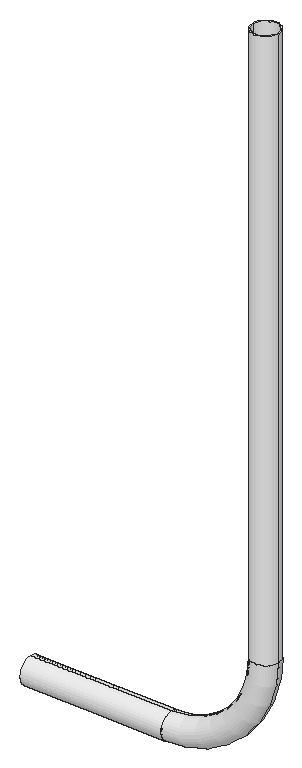
Revit family "PRD_AR_FlshCntrlDvcs_FlushingPipe_ACXF40021", category Specialty Equipment, Revit 2023
Family settings
  Round Connector Dimension = Use Diameter
  Part Type = Normal
  OmniClass Number = 23.45.05.14.99
  OmniClass Title = Other Sanitary Washing Plumbing Fixtures
  Work Plane-Based = No
  Enable Cutting in Views = No
  Always vertical = Yes
  Cut with Voids When Loaded = No
  Maintain Annotation Orientation = No
  Shared = No
  Room Calculation Point = No
Parameters (values of type "ACXF4002")
  WithOffset = "n/a"
  WarrantyStartDate [instance] = "1900-12-31T23:59:59"
  WarrantyGuarantorParts = "n/a"
  WarrantyGuarantorLabor = "n/a"
  WarrantyDurationUnit = "n/a"
  WarrantyDurationParts = "n/a"
  WarrantyDurationLabor = "n/a"
  WarrantyDescription = "n/a"
  Version = "1"
  Uniclass2015Version = "Products v1.36"
  Uniclass2015Title = "Flush control devices"
  Uniclass2015Code = "Pr_75_50_46_31"
  URL = "www.kwc-professional.com"
  TypeOfFlushingPipe = "Toilet flush pipe"
  Type IFC Predefined Type = "USERDEFINED"
  TemperatureRange = 0 °C
  TagNumber [instance] = "n/a"
  SustainabilityPerformance = "n/a"
  Status = "New"
  Size = "28"
  Shape = "n/a"
  SerialNumber [instance] = "n/a"
  Revision = "n/a"
  ReplacementCost = "n/a"
  Reference = "n/a"
  ProductInformation = "n/a"
  PressureRange = 0.0 Pa
  PressureClass = 0.0 Pa
  NominalWidth = 250 mm
  NominalHeight = 700 mm
  NominalDepth = 0 mm
  Name = "Flushing Pipe ACXF4002"
  NBSTypeID = "n/a"
  NBSReference = "90-15-35/470"
  NBSOfficeMasterTag = "n/a"
  NBSNote = "n/a"
  NBSDescription = "Flush control devices"
  NBSCertification = "n/a"
  ModelReference = "ACXF4002"
  ModelNumber = "2030068209"
  Model = ModelReference  # "ACXF4002"
  Material = "Plastic"
  ManufacturerURL = "www.kwc-professional.com"
  ManufacturerName = "KWC Group Management AG"
  Manufacturer = ManufacturerName  # "KWC Group Management AG"
  InstallationDate [instance] = "1900-12-31T23:59:59"
  IfcExportType = "USERDEFINED"
  IfcExportAs = "IfcPipeFittingType"
  Grade = "n/a"
  FittingLossFactor = 0
  Finish = "n/a"
  Features = "Dimension  Ø 28x1 x 700 x 250 mm."
  Export Type to IFC As = "IfcPipeFittingType"
  ExpectedLife = "n/a"
  DurationUnit = "n/a"
  Description = "Flush pipe with bend for connection to WC pressure flush, plastic, 28x1 x 700 x 250 mm."
  Default Elevation = 0 mm
  CreatedOn = "04/2025"  # constant formula
  Constituents = "n/a"
  Color = "n/a"
  CodePerformance = "n/a"
  Category = "Pr_75_50_46_31, Flush control devices"
  BodyMaterial = PRD_AR_Plastic_White
  BarCode [instance] = "n/a"
  BIMObjectName = "PRD_AR_FlushControlDevices_FlushingPipe_ACXF4002"
  Author = "Archispace"  # constant formula
  AssetType = "Fixed"
  AssetIdentifier [instance] = "n/a"
  AccessibilityPerformance = "n/a"
Reference planes
  plane 1 "Center (Front/Back)": y = 0
  plane 2: z = 0
  plane 3 "Center (Left/Right)": x = 0
  plane 4: x = -250
  plane 5: z = 700
Dimensions and locks
  aligned and locked: level to plane 2
Nested families
  nested 1: "FlushingPipe" at (0, 0, 0), type "FlushingPipe"
Definition of nested family "FlushingPipe"
  Parameters
    Material = none
    Default Elevation = 0 mm
  Reference planes
    plane 1 "Center (Front/Back)": y = 0
    plane 2: z = 0
    plane 3 "Center (Left/Right)": x = 0
  Forms (mm)
    Sweep 1, solid, material <- "Material", detail levels fine
      path origin (0, 0, 0) x (1, 0, 0) y (0, 0, 1)
        loop
          line (0, 700) -> (0, 100)
          arc (0, 100) -> (-29.289, 29.289) -> (-100, 0) r 100
          line (-100, 0) -> (-250, 0)
      profile origin (0, 0, 400) x (0, -1, 0) y (1, 0, 0)
        loop
          circle (0, 0) r 14
        loop
          circle (0, 0) r 13.039
    Sweep 2, solid, material <- "Material", detail levels coarse+medium
      path origin (0, 0, 0) x (1, 0, 0) y (0, 0, 1)
        loop
          line (0, 700) -> (0, 100)
          arc (0, 100) -> (-29.289, 29.289) -> (-100, 0) r 100
          line (-100, 0) -> (-250, 0)
      profile origin (0, 0, 400) x (0, -1, 0) y (1, 0, 0)
        loop
          circle (0, 0) r 14
  Dimensions and locks
    aligned and locked: level to plane 2
